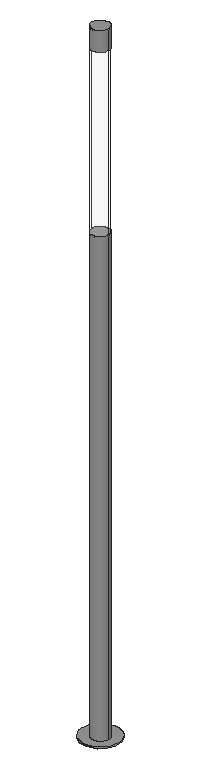
Revit family "svetilnik_alfresco_strit-premier_dtu-27-af_i_dtu-34-af", category Lighting Fixtures, Revit 2016
Family settings
  Part Type = Normal
  Round Connector Dimension = Use Diameter
  Work Plane-Based = No
  Always vertical = Yes
  Cut with Voids When Loaded = No
  Light Source = Yes
  Shared = No
  Room Calculation Point = No
Parameters (values of type "Стрит-Премьер ДТУ-34-AF-50Вт-5,0")
  Watermarked By = ""
  built-in parameter 1150104 = 13.8 (stored number, unit not read)
  Цветовая температура = "3000-5500"  # constant formula
  built-in parameter 1150134 = 12
  Photometric Web File = "ДТУ-34-AF StreetPremier50w.ies"
  Tilt Angle = 90.00°
  Тип продукции = "LED-светильник"  # constant formula
  Тип ПРА = "-"  # constant formula
  Тип КСС = "Sym"  # constant formula
  Тип ИС = "LED-СОВ"
  Температура эксплуатации = "-35 +40"  # constant formula
  built-in parameter 1150137 = (empty or 0)
  built-in parameter 1150132 = 2
  built-in parameter 1150114 = 1 (stored number, unit not read)
  Dimming Lamp Color Temperature Shift = <None>
  built-in parameter 1150105 = 106.43 (stored number, unit not read)
  Сечение по фланцу = 290.00 mm
  Color Filter = 16777215
  Lumens = 6000 lm
  Световой поток = 6000 lm
  Разработано = "support@bimlib.ru"  # constant formula
  built-in parameter 1150109 = 1 (stored number, unit not read)
  built-in parameter 1150112 = 1 (stored number, unit not read)
  built-in parameter 1150110 = 1 (stored number, unit not read)
  built-in parameter 1150113 = 1 (stored number, unit not read)
  built-in parameter 1150115 = 1 (stored number, unit not read)
  built-in parameter 1114218 = 1 (stored number, unit not read)
  built-in parameter 1114217 = 1 (stored number, unit not read)
  Apparent Load = ADSK_Номинальная мощность / ADSK_Коэффициент мощности  # 51.5464 VA
  built-in parameter 1150106 = 1.0643 (stored number, unit not read)
  Область использования = "Ландшафт, коттедж.поселки,микрорайоны,АЗС, автостоянки"  # constant formula
  built-in parameter 1150142 = "IESNA:LM-63-1995\r\n[TEST]Alf\r\n[MANUFAC] Alfresco\r\n[LUMCAT]Стрит Премьер ДТУ-34-AF\r\n[LUMINAIRE] \r\n[LAMP]10W led\r\n[DATE]07.09.15\r\nTILT=NONE\r\n4  1600  6.4  181  1  1  2  0.11  0.11  1.30\r\n1.00  1.00  50\r\n0.0 1.0 2.0 3.0 4.0 5.0 6.0 7.0 8.0 9.0\r\n10.0 11.0 12.0 13.0 14.0 15.0 16.0 17.0 18.0 19.0\r\n20.0 21.0 22.0 23.0 24.0 25.0 26.0 27.0 28.0 29.0\r\n30.0 31.0 32.0 33.0 34.0 35.0 36.0 37.0 38.0 39.0\r\n40.0 41.0 42.0 43.0 44.0 45.0 46.0 47.0 48.0 49.0\r\n50.0 51.0 52.0 53.0 54.0 55.0 56.0 57.0 58.0 59.0\r\n60.0 61.0 62.0 63.0 64.0 65.0 66.0 67.0 68.0 69.0\r\n70.0 71.0 72.0 73.0 74.0 75.0 76.0 77.0 78.0 79.0\r\n80.0 81.0 82.0 83.0 84.0 85.0 86.0 87.0 88.0 89.0\r\n90.0 91.0 92.0 93.0 94.0 95.0 96.0 97.0 98.0 99.0\r\n100.0 101.0 102.0 103.0 104.0 105.0 106.0 107.0 108.0 109.0\r\n110.0 111.0 112.0 113.0 114.0 115.0 116.0 117.0 118.0 119.0\r\n120.0 121.0 122.0 123.0 124.0 125.0 126.0 127.0 128.0 129.0\r\n130.0 131.0 132.0 133.0 134.0 135.0 136.0 137.0 138.0 139.0\r\n140.0 141.0 142.0 143.0 144.0 145.0 146.0 147.0 148.0 149.0\r\n150.0 151.0 152.0 153.0 154.0 155.0 156.0 157.0 158.0 159.0\r\n160.0 161.0 162.0 163.0 164.0 165.0 166.0 167.0 168.0 169.0\r\n170.0 171.0 172.0 173.0 174.0 175.0 176.0 177.0 178.0 179.0\r\n180.0\r\n0.0\r\n30.669186 33.40116 35.28317 37.186209 38.500704 40.083974 41.771149 43.314021 45.102038 47.309387\r\n49.028449 50.812269 52.369317 53.991584 55.434489 57.268516 58.564247 60.189759 61.9279 64.333334\r\n67.166664 69.999996 72.83333 75.666667 78.499999 81.333331 84.166664 87.000003 89.375997 91.172087\r\n92.520729 93.799307 94.965097 96.138517 97.410309 98.547261 99.77948 101.090796 102.221388 102.91579\r\n103.396044 103.924913 104.373994 105.14494 105.683277 106.872594 107.775547 108.488355 109.886387 110.958614\r\n111.845911 112.815472 112.874859 113.411137 113.526703 113.221074 112.915452 112.615181 112.272381 112.039783\r\n111.660227 110.678717 110.165762 109.552579 109.020057 108.19332 107.282569 105.758173 104.014239 102.593776\r\n101.263484 100.019437 98.858012 97.775911 96.263522 94.372853 92.393761 89.951795 87.033791 84.105536\r\n81.9616 79.578056 76.993221 74.088746 71.036914 67.537192 64.651522 61.842674 57.68077 53.531873\r\n48.92985 44.306413 40.196847 36.60076 33.425581 30.726903 28.098792 25.135749 22.159874 19.11941\r\n16.764439 15.018121 13.515894 12.083722 11.169402 10.131444 9.23953 8.340891 7.660379 6.982003\r\n6.348161 5.815175 5.348759 4.865009 4.492067 4.175258 3.81185 3.540627 3.23284 2.915409\r\n2.601634 2.194491 1.651192 0.996267 0.569934 0.205603 0.057053 0.012402 0.002872 0.0\r\n0.0 0.0 0.0 0.0 0.0 0.0 0.0 0.0 0.0 0.0\r\n0.0 0.0 0.0 0.0 0.0 0.0 0.0 0.0 0.0 0.0\r\n0.0 0.0 0.0 0.0 0.0 0.0 0.0 0.0 0.0 0.0\r\n0.0 0.0 0.0 0.0 0.0 0.0 0.0 0.0 0.0 0.0\r\n0.0 0.0 0.0 0.0 0.0 0.0 0.0 0.0 0.0 0.0\r\n0.0 "
  built-in parameter 1150133 = 10 (stored number, unit not read)
  Wattage = 40.3926 W
  Материал опоры = Сталь, окрашенная, черная
  built-in parameter 1150139 = (empty or 0)
  Климатическая зона = "У1"  # constant formula
  Класс пожароопасности = "F (светильники предназначены для установки непосредственно на поверхность из нормально воспламеняемых матеоиалов)"  # constant formula
  Класс Защиты = "1"  # constant formula
  built-in parameter 1150138 = (empty or 0)
  built-in parameter 1150107 = 4000 (stored number, unit not read)
  built-in parameter 1150102 = (empty or 0)
  Emit from Circle Diameter = 133.00 mm
  Manufacturer = "ALFRESCO"  # constant formula
  Высота нижней части = 3550.00 mm
  Высота источника света = 1300.00 mm
  Emit Shape Visible in Rendering = no
  Блок аварийного питания = no
  URL = "http://www.allfresco.ru/item/StreetPremier"
  IP Class = "IP 65"  # constant formula
  ADSK_Энергоэффективность = 120 lm/W  # constant formula
  ADSK_Ток = ADSK_Номинальная мощность / (ADSK_Коэффициент мощности * ADSK_Напряжение * sqrt(ADSK_Количество фаз числовое))  # 0.165676 A
  ADSK_Размер_Ширина = 133.00 mm
  ADSK_Размер_Длина = 133.00 mm
  ADSK_Размер_Высота = 5000.00 mm
  ADSK_Примечание [instance] = ""
  ADSK_Полная мощность = ADSK_Номинальная мощность / ADSK_Коэффициент мощности  # 51.5464 VA
  ADSK_Позиция [instance] = ""
  ADSK_Номинальная мощность = 50 W
  ADSK_Напряжение = 220 V
  ADSK_Наименование = "Светодиодный светильник Стрит-Премьер ДТУ-34-AF-50Вт-5,0"
  ADSK_Модель = "Стрит-Премьер ДТУ-34-AF"
  ADSK_Масса = 56
  ADSK_Коэффициент мощности = 0.97  # constant formula
  ADSK_Количество фаз числовое = 2
  ADSK_Количество фаз = 2
  ADSK_Код изделия = ""
  ADSK_Классификация нагрузок = Освещение
  ADSK_Завод-изготовитель [instance] = "ALFRESCO"
  ADSK_Единица измерения = "шт"  # constant formula
  ADSK_Артикул = "ДТУ341"
Types (3, lengths in mm): name | Photometric Web File | Тип ИС | Сечение по фланцу | built-in parameter 1150142 | Emit from Circle Diameter | Высота нижней части | Высота источника света | ADSK_Размер_Ширина | ADSK_Размер_Длина | ADSK_Размер_Высота | ADSK_Наименование | ADSK_Модель | ADSK_Масса | ADSK_Артикул
  (no name) | "ДТУ-34-AF StreetPremier50w.ies" | "LED-СОВ" | 290.00 | "IESNA:LM-63-1995\r\n[TEST]Alf\r\n[MANUFAC] Alfresco\r\n[LUMCAT]Стрит Премьер ДТУ-34-AF\r\n[LUMINAIRE] \r\n[LAMP]10W led\r\n[DATE]07.09.15\r\nTILT=NONE\r\n4  1600  6.4  181  1  1  2  0.11  0.11  1.30\r\n1.00  1.00  50\r\n0.0 1.0 2.0 3.0 4.0 5.0 6.0 7.0 8.0 9.0\r\n10.0 11.0 12.0 13.0 14.0 15.0 16.0 17.0 18.0 19.0\r\n20.0 21.0 22.0 23.0 24.0 25.0 26.0 27.0 28.0 29.0\r\n30.0 31.0 32.0 33.0 34.0 35.0 36.0 37.0 38.0 39.0\r\n40.0 41.0 42.0 43.0 44.0 45.0 46.0 47.0 48.0 49.0\r\n50.0 51.0 52.0 53.0 54.0 55.0 56.0 57.0 58.0 59.0\r\n60.0 61.0 62.0 63.0 64.0 65.0 66.0 67.0 68.0 69.0\r\n70.0 71.0 72.0 73.0 74.0 75.0 76.0 77.0 78.0 79.0\r\n80.0 81.0 82.0 83.0 84.0 85.0 86.0 87.0 88.0 89.0\r\n90.0 91.0 92.0 93.0 94.0 95.0 96.0 97.0 98.0 99.0\r\n100.0 101.0 102.0 103.0 104.0 105.0 106.0 107.0 108.0 109.0\r\n110.0 111.0 112.0 113.0 114.0 115.0 116.0 117.0 118.0 119.0\r\n120.0 121.0 122.0 123.0 124.0 125.0 126.0 127.0 128.0 129.0\r\n130.0 131.0 132.0 133.0 134.0 135.0 136.0 137.0 138.0 139.0\r\n140.0 141.0 142.0 143.0 144.0 145.0 146.0 147.0 148.0 149.0\r\n150.0 151.0 152.0 153.0 154.0 155.0 156.0 157.0 158.0 159.0\r\n160.0 161.0 162.0 163.0 164.0 165.0 166.0 167.0 168.0 169.0\r\n170.0 171.0 172.0 173.0 174.0 175.0 176.0 177.0 178.0 179.0\r\n180.0\r\n0.0\r\n30.669186 33.40116 35.28317 37.186209 38.500704 40.083974 41.771149 43.314021 45.102038 47.309387\r\n49.028449 50.812269 52.369317 53.991584 55.434489 57.268516 58.564247 60.189759 61.9279 64.333334\r\n67.166664 69.999996 72.83333 75.666667 78.499999 81.333331 84.166664 87.000003 89.375997 91.172087\r\n92.520729 93.799307 94.965097 96.138517 97.410309 98.547261 99.77948 101.090796 102.221388 102.91579\r\n103.396044 103.924913 104.373994 105.14494 105.683277 106.872594 107.775547 108.488355 109.886387 110.958614\r\n111.845911 112.815472 112.874859 113.411137 113.526703 113.221074 112.915452 112.615181 112.272381 112.039783\r\n111.660227 110.678717 110.165762 109.552579 109.020057 108.19332 107.282569 105.758173 104.014239 102.593776\r\n101.263484 100.019437 98.858012 97.775911 96.263522 94.372853 92.393761 89.951795 87.033791 84.105536\r\n81.9616 79.578056 76.993221 74.088746 71.036914 67.537192 64.651522 61.842674 57.68077 53.531873\r\n48.92985 44.306413 40.196847 36.60076 33.425581 30.726903 28.098792 25.135749 22.159874 19.11941\r\n16.764439 15.018121 13.515894 12.083722 11.169402 10.131444 9.23953 8.340891 7.660379 6.982003\r\n6.348161 5.815175 5.348759 4.865009 4.492067 4.175258 3.81185 3.540627 3.23284 2.915409\r\n2.601634 2.194491 1.651192 0.996267 0.569934 0.205603 0.057053 0.012402 0.002872 0.0\r\n0.0 0.0 0.0 0.0 0.0 0.0 0.0 0.0 0.0 0.0\r\n0.0 0.0 0.0 0.0 0.0 0.0 0.0 0.0 0.0 0.0\r\n0.0 0.0 0.0 0.0 0.0 0.0 0.0 0.0 0.0 0.0\r\n0.0 0.0 0.0 0.0 0.0 0.0 0.0 0.0 0.0 0.0\r\n0.0 0.0 0.0 0.0 0.0 0.0 0.0 0.0 0.0 0.0\r\n0.0 " | 133.00 | 3550.00 | 1300.00 | 133.00 | 133.00 | 5000.00 | "Светодиодный светильник Стрит-Премьер ДТУ-34-AF-50Вт-5,0" | "Стрит-Премьер ДТУ-34-AF" | 56 | "ДТУ341"
  Стрит-Премьер ДТУ-27-AF-50Вт-3,6 | "ДТУ-27-AF StreetPremier50w.ies" | "LED-светодиоды" | 240.00 | "IESNA:LM-63-1995\r\n[TEST]Alf\r\n[MANUFAC] Alfresco\r\n[LUMCAT]Стрит Премьер \r\n[LUMINAIRE] \r\n[LAMP]10W led\r\n[DATE]07.09.15\r\nTILT=NONE\r\n4  1600  6.4  181  1  1  2  0.11  0.11  0.45\r\n1.00  1.00  50\r\n0.0 1.0 2.0 3.0 4.0 5.0 6.0 7.0 8.0 9.0\r\n10.0 11.0 12.0 13.0 14.0 15.0 16.0 17.0 18.0 19.0\r\n20.0 21.0 22.0 23.0 24.0 25.0 26.0 27.0 28.0 29.0\r\n30.0 31.0 32.0 33.0 34.0 35.0 36.0 37.0 38.0 39.0\r\n40.0 41.0 42.0 43.0 44.0 45.0 46.0 47.0 48.0 49.0\r\n50.0 51.0 52.0 53.0 54.0 55.0 56.0 57.0 58.0 59.0\r\n60.0 61.0 62.0 63.0 64.0 65.0 66.0 67.0 68.0 69.0\r\n70.0 71.0 72.0 73.0 74.0 75.0 76.0 77.0 78.0 79.0\r\n80.0 81.0 82.0 83.0 84.0 85.0 86.0 87.0 88.0 89.0\r\n90.0 91.0 92.0 93.0 94.0 95.0 96.0 97.0 98.0 99.0\r\n100.0 101.0 102.0 103.0 104.0 105.0 106.0 107.0 108.0 109.0\r\n110.0 111.0 112.0 113.0 114.0 115.0 116.0 117.0 118.0 119.0\r\n120.0 121.0 122.0 123.0 124.0 125.0 126.0 127.0 128.0 129.0\r\n130.0 131.0 132.0 133.0 134.0 135.0 136.0 137.0 138.0 139.0\r\n140.0 141.0 142.0 143.0 144.0 145.0 146.0 147.0 148.0 149.0\r\n150.0 151.0 152.0 153.0 154.0 155.0 156.0 157.0 158.0 159.0\r\n160.0 161.0 162.0 163.0 164.0 165.0 166.0 167.0 168.0 169.0\r\n170.0 171.0 172.0 173.0 174.0 175.0 176.0 177.0 178.0 179.0\r\n180.0\r\n0.0\r\n30.669186 33.40116 35.28317 37.186209 38.500704 40.083974 41.771149 43.314021 45.102038 47.309387\r\n49.028449 50.812269 52.369317 53.991584 55.434489 57.268516 58.564247 60.189759 61.9279 64.333334\r\n67.166664 69.999996 72.83333 75.666667 78.499999 81.333331 84.166664 87.000003 89.375997 91.172087\r\n92.520729 93.799307 94.965097 96.138517 97.410309 98.547261 99.77948 101.090796 102.221388 102.91579\r\n103.396044 103.924913 104.373994 105.14494 105.683277 106.872594 107.775547 108.488355 109.886387 110.958614\r\n111.845911 112.815472 112.874859 113.411137 113.526703 113.221074 112.915452 112.615181 112.272381 112.039783\r\n111.660227 110.678717 110.165762 109.552579 109.020057 108.19332 107.282569 105.758173 104.014239 102.593776\r\n101.263484 100.019437 98.858012 97.775911 96.263522 94.372853 92.393761 89.951795 87.033791 84.105536\r\n81.9616 79.578056 76.993221 74.088746 71.036914 67.537192 64.651522 61.842674 57.68077 53.531873\r\n48.92985 44.306413 40.196847 36.60076 33.425581 30.726903 28.098792 25.135749 22.159874 19.11941\r\n16.764439 15.018121 13.515894 12.083722 11.169402 10.131444 9.23953 8.340891 7.660379 6.982003\r\n6.348161 5.815175 5.348759 4.865009 4.492067 4.175258 3.81185 3.540627 3.23284 2.915409\r\n2.601634 2.194491 1.651192 0.996267 0.569934 0.205603 0.057053 0.012402 0.002872 0.0\r\n0.0 0.0 0.0 0.0 0.0 0.0 0.0 0.0 0.0 0.0\r\n0.0 0.0 0.0 0.0 0.0 0.0 0.0 0.0 0.0 0.0\r\n0.0 0.0 0.0 0.0 0.0 0.0 0.0 0.0 0.0 0.0\r\n0.0 0.0 0.0 0.0 0.0 0.0 0.0 0.0 0.0 0.0\r\n0.0 0.0 0.0 0.0 0.0 0.0 0.0 0.0 0.0 0.0\r\n0.0 " | 108.00 | 3000.00 | 450.00 | 108.00 | 108.00 | 3600.00 | "Светодиодный светильник Стрит-Премьер ДТУ-27-AF-50Вт-3,6" | "Стрит-Премьер ДТУ-27-AF" | 30 | "ДТУ271"
  Стрит-Премьер ДТУ-34-AF-50Вт-5,0 | "ДТУ-34-AF StreetPremier50w.ies" | "LED-СОВ" | 290.00 | "IESNA:LM-63-1995\r\n[TEST]Alf\r\n[MANUFAC] Alfresco\r\n[LUMCAT]Стрит Премьер ДТУ-34-AF\r\n[LUMINAIRE] \r\n[LAMP]10W led\r\n[DATE]07.09.15\r\nTILT=NONE\r\n4  1600  6.4  181  1  1  2  0.11  0.11  1.30\r\n1.00  1.00  50\r\n0.0 1.0 2.0 3.0 4.0 5.0 6.0 7.0 8.0 9.0\r\n10.0 11.0 12.0 13.0 14.0 15.0 16.0 17.0 18.0 19.0\r\n20.0 21.0 22.0 23.0 24.0 25.0 26.0 27.0 28.0 29.0\r\n30.0 31.0 32.0 33.0 34.0 35.0 36.0 37.0 38.0 39.0\r\n40.0 41.0 42.0 43.0 44.0 45.0 46.0 47.0 48.0 49.0\r\n50.0 51.0 52.0 53.0 54.0 55.0 56.0 57.0 58.0 59.0\r\n60.0 61.0 62.0 63.0 64.0 65.0 66.0 67.0 68.0 69.0\r\n70.0 71.0 72.0 73.0 74.0 75.0 76.0 77.0 78.0 79.0\r\n80.0 81.0 82.0 83.0 84.0 85.0 86.0 87.0 88.0 89.0\r\n90.0 91.0 92.0 93.0 94.0 95.0 96.0 97.0 98.0 99.0\r\n100.0 101.0 102.0 103.0 104.0 105.0 106.0 107.0 108.0 109.0\r\n110.0 111.0 112.0 113.0 114.0 115.0 116.0 117.0 118.0 119.0\r\n120.0 121.0 122.0 123.0 124.0 125.0 126.0 127.0 128.0 129.0\r\n130.0 131.0 132.0 133.0 134.0 135.0 136.0 137.0 138.0 139.0\r\n140.0 141.0 142.0 143.0 144.0 145.0 146.0 147.0 148.0 149.0\r\n150.0 151.0 152.0 153.0 154.0 155.0 156.0 157.0 158.0 159.0\r\n160.0 161.0 162.0 163.0 164.0 165.0 166.0 167.0 168.0 169.0\r\n170.0 171.0 172.0 173.0 174.0 175.0 176.0 177.0 178.0 179.0\r\n180.0\r\n0.0\r\n30.669186 33.40116 35.28317 37.186209 38.500704 40.083974 41.771149 43.314021 45.102038 47.309387\r\n49.028449 50.812269 52.369317 53.991584 55.434489 57.268516 58.564247 60.189759 61.9279 64.333334\r\n67.166664 69.999996 72.83333 75.666667 78.499999 81.333331 84.166664 87.000003 89.375997 91.172087\r\n92.520729 93.799307 94.965097 96.138517 97.410309 98.547261 99.77948 101.090796 102.221388 102.91579\r\n103.396044 103.924913 104.373994 105.14494 105.683277 106.872594 107.775547 108.488355 109.886387 110.958614\r\n111.845911 112.815472 112.874859 113.411137 113.526703 113.221074 112.915452 112.615181 112.272381 112.039783\r\n111.660227 110.678717 110.165762 109.552579 109.020057 108.19332 107.282569 105.758173 104.014239 102.593776\r\n101.263484 100.019437 98.858012 97.775911 96.263522 94.372853 92.393761 89.951795 87.033791 84.105536\r\n81.9616 79.578056 76.993221 74.088746 71.036914 67.537192 64.651522 61.842674 57.68077 53.531873\r\n48.92985 44.306413 40.196847 36.60076 33.425581 30.726903 28.098792 25.135749 22.159874 19.11941\r\n16.764439 15.018121 13.515894 12.083722 11.169402 10.131444 9.23953 8.340891 7.660379 6.982003\r\n6.348161 5.815175 5.348759 4.865009 4.492067 4.175258 3.81185 3.540627 3.23284 2.915409\r\n2.601634 2.194491 1.651192 0.996267 0.569934 0.205603 0.057053 0.012402 0.002872 0.0\r\n0.0 0.0 0.0 0.0 0.0 0.0 0.0 0.0 0.0 0.0\r\n0.0 0.0 0.0 0.0 0.0 0.0 0.0 0.0 0.0 0.0\r\n0.0 0.0 0.0 0.0 0.0 0.0 0.0 0.0 0.0 0.0\r\n0.0 0.0 0.0 0.0 0.0 0.0 0.0 0.0 0.0 0.0\r\n0.0 0.0 0.0 0.0 0.0 0.0 0.0 0.0 0.0 0.0\r\n0.0 " | 133.00 | 3550.00 | 1300.00 | 133.00 | 133.00 | 5000.00 | "Светодиодный светильник Стрит-Премьер ДТУ-34-AF-50Вт-5,0" | "Стрит-Премьер ДТУ-34-AF" | 56 | "ДТУ341"
Reference planes
  plane 1 "По центру (Вперед/Назад)": y = 0
  plane 2: z = 0
  plane 3 "По центру (Влево/Вправо)": x = 0
  plane 4: z = 5000
  plane 5: z = 3550
  plane 6: y = 66.5
  plane 7: y = -66.5
  plane 8: z = 4850
Forms (mm)
  Extrusion 1, solid, material "Сталь, окрашенная, черная" <- "Материал опоры", detail levels medium+fine
    sketch origin (0, 0, 0) x (1, 0, 0) y (0, 1, 0)
      loop
        circle (0, 0) r 145
    from 0 to 10
  Extrusion 2, solid, material "Сталь, окрашенная, черная" <- "Материал опоры", detail levels medium+fine
    sketch origin (0, 0, 0) x (1, 0, 0) y (0, 1, 0)
      loop
        circle (0, 0) r 66.5
    from 0 to 3550
  Extrusion 3, solid, material "Плафон самосвечение", detail levels medium+fine
    sketch origin (0, 0, 0) x (1, 0, 0) y (0, 1, 0)
      loop
        circle (0, 0) r 66.5
    from 3550 to 4850
  Extrusion 4, solid, material "Сталь, окрашенная, черная" <- "Материал опоры", detail levels medium+fine
    sketch origin (0, 0, 0) x (1, 0, 0) y (0, 1, 0)
      loop
        circle (0, 0) r 66.5
    from 4850 to 5000
Lines and regions (mm)
  model lines, detail levels coarse
    curve 1: line (0, 0, 0) -> (0, 0, 5000)
  symbolic lines, style "LightingFixtures"
    curve 2: circle (0, 0, 0) r 250 normal (0, 0, 1)
    curve 3: line (-120, 219.317, 0) -> (-120, -219.317, 0)
    curve 4: line (120, 219.317, 0) -> (120, -219.317, 0)
Dimensions and locks
  "ADSK_Размер_Высота": plane 4 to plane 2
  "Высота нижней части": plane 5 to level
  equal spacing: plane 6, plane 1 "По центру (Вперед/Назад)", plane 7
  "ADSK_Размер_Ширина": plane 6 to plane 7
  "Высота источника света": plane 8 to plane 5
  "Сечение по фланцу": diameter of Extrusion 1 sketch curve
  diameter of Extrusion 2 = 133.00 mm
  "ADSK_Размер_Ширина": diameter of Extrusion 4 sketch curve
  "ADSK_Размер_Ширина": diameter of Extrusion 2 sketch curve
  "ADSK_Размер_Ширина": diameter of Extrusion 3 sketch curve
  aligned and locked: level to plane 2
  aligned and locked: plane 1 "По центру (Вперед/Назад)" to imposter light
  aligned and locked: Extrusion 2 to plane 5
  aligned and locked: Extrusion 2 to level
  aligned and locked: Extrusion 1 to level
  aligned and locked: plane 5 to Extrusion 3
  aligned and locked: plane 8 to Extrusion 3
  aligned and locked: plane 4 to Extrusion 4
  aligned and locked: Extrusion 4 to plane 8
  aligned and locked: imposter light to plane 3 "По центру (Влево/Вправо)"
  aligned and locked: plane 8 to imposter light
Automatic sketch dimensions
  plane 1 "По центру (Вперед/Назад)" to Extrusion 1 sketch curve = 0.00 mm
  Extrusion 1 sketch curve to plane 3 "По центру (Влево/Вправо)" = 0.00 mm
  plane 1 "По центру (Вперед/Назад)" to Extrusion 2 sketch curve = 0.00 mm
  Extrusion 2 sketch curve to plane 3 "По центру (Влево/Вправо)" = 0.00 mm
  plane 1 "По центру (Вперед/Назад)" to Extrusion 3 sketch curve = 0.00 mm
  Extrusion 3 sketch curve to plane 3 "По центру (Влево/Вправо)" = 0.00 mm
  plane 1 "По центру (Вперед/Назад)" to Extrusion 4 sketch curve = 0.00 mm
  Extrusion 4 sketch curve to plane 3 "По центру (Влево/Вправо)" = 0.00 mm
  curve 1 to plane 3 "По центру (Влево/Вправо)" = 0.00 mm
  curve 1 to level = 0.00 mm
  curve 1 to plane 4 = 0.00 mm
  plane 3 "По центру (Влево/Вправо)" to curve 2 = 0.00 mm
  plane 6 to curve 2 = 66.50 mm
  curve 3 to curve 2 = 120.00 mm
  curve 3 to curve 2 = 219.317 mm
  curve 3 to curve 4 = 0.00 mm
Connectors
  electrical at (0, 0, 0), driven by "ADSK_Количество фаз", driven by "ADSK_Классификация нагрузок", driven by "ADSK_Напряжение", driven by "Apparent Load", driven by "ADSK_Коэффициент мощности"
    settings: on Extrusion 2, index 1, voltage 220 V, apparent load 51.5464 VA, apparent load phase1 0 VA, apparent load phase2 0 VA, apparent load phase3 0 VA, power factor 0.97, load classification "Освещение", number of poles 2, system type 30, power factor state 1, is connector primary yes, connector utility no, sub classification motor no, connector description ""
